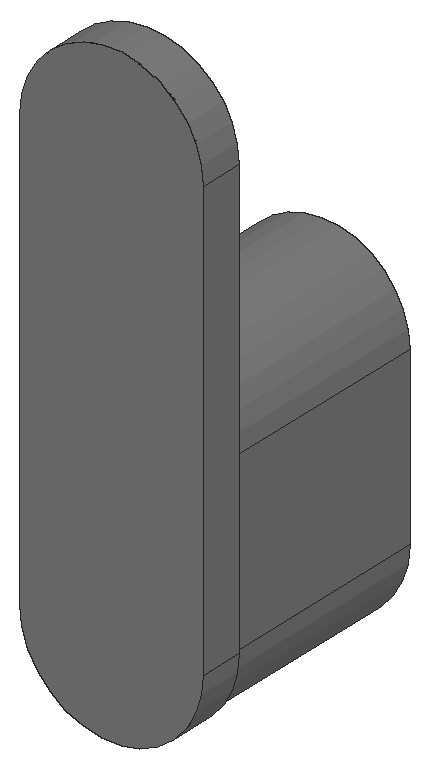
Revit family "RBA1631-600", category Plumbing Fixtures, Revit 2021
Family settings
  Round Connector Dimension = Use Diameter
  Part Type = Normal
  Work Plane-Based = No
  Always vertical = No
  Cut with Voids When Loaded = No
  Shared = Yes
  Room Calculation Point = No
Parameters
  Watermarked By = "www.rba.com.au"
  Waste Connection = yes
  Vent Connection = yes
  URL = ""
  Phone Number = ""
  Modified Issue = ""
  Model = "RBA1631-600"
  Materials and Finishes = Heavy Duty Brass, PVD Gunmetal Finish
  Manufacturer Model = ""
  Manufacturer = "RBA Group"  # constant formula
  HW Connection = yes
  Description = "ōken Robe Hook | PVD Gunmetal"
  Default Elevation = 0 mm
  Copyright by = "RBA Group"  # constant formula
  CW Connection = yes
Reference planes
  plane 1 "Center (Front/Back)": y = 0
  plane 2: z = 0
  plane 3 "Center (Left/Right)": x = 0
  plane 4: z = 71
  plane 5: z = 0.5
  plane 6: z = 40.5
Forms (mm)
  Extrusion 1, solid, material "Heavy Duty Brass, PVD Gunmetal Finish" <- "Materials and Finishes"
    sketch origin (0, -30, 35.5) x (0, 0, 1) y (1, 0, 0)
      loop
        arc (25, -10.5) -> (35.5, 0) -> (25, 10.5) r 10.5
        line (25, 10.5) -> (-25, 10.5)
        arc (-25, 10.5) -> (-35.5, 0) -> (-25, -10.5) r 10.5
        line (-25, -10.5) -> (25, -10.5)
    from 0 to 5
  Extrusion 2, solid, material "Heavy Duty Brass, PVD Gunmetal Finish" <- "Materials and Finishes"
    sketch origin (0, -30, 35.5) x (0, 0, 1) y (1, 0, 0)
      loop
        arc (-5, -10) -> (5, 0) -> (-5, 10) r 10
        line (-5, 10) -> (-25, 10)
        arc (-25, 10) -> (-35, 0) -> (-25, -10) r 10
        line (-25, -10) -> (-5, -10)
    from 5 to 30
Dimensions and locks
  aligned and locked: plane 2 to level
